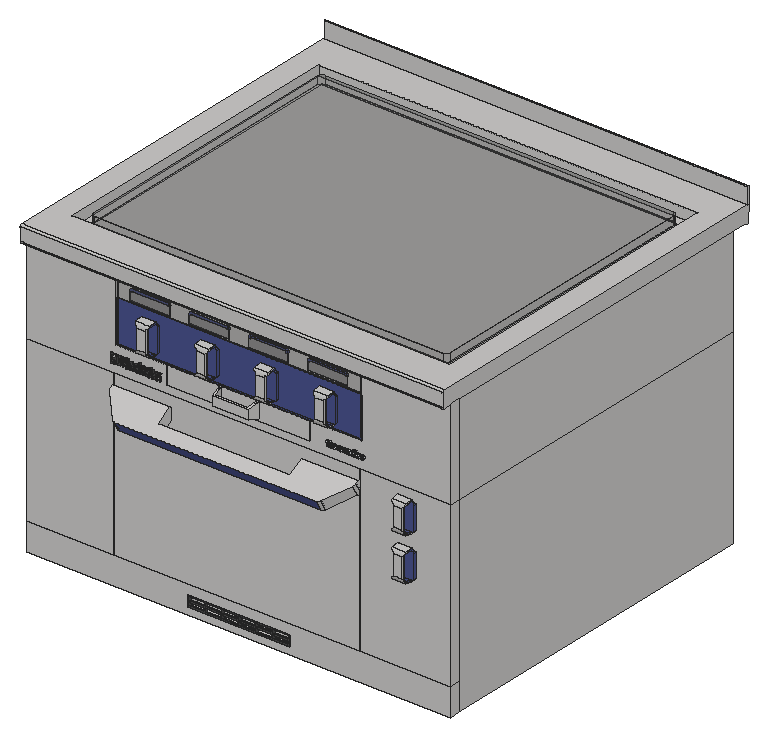
Revit family "QF_ELECTROLUXPROFESSIONAL_589653_MCLMEBJ8AO", category Attrezzature speciali, Revit 2020 (continued)
Definition of nested family "Front_Panel_W1000_Four Knobs"
  Definition of nested family "ELX_Professional_Logo_Small"
    Forms (mm)
      Extrusion 2, solid, material <- "Material_Logo"
        sketch origin (15.5, 0, 0) x (1, 0, 0) y (0, 1, 0)
          loop
            spline (-21.915, 1.897) -> (-21.957, 2.615) -> (-22.082, 3.303) -> (-22.285, 3.955) -> (-22.563, 4.564) -> (-22.913, 5.124) -> (-23.331, 5.629) -> (-23.814, 6.074) -> (-24.359, 6.451) -> (-24.961, 6.755) -> (-25.618, 6.98) -> (-26.326, 7.119) -> (-27.081, 7.167)
            spline (-27.081, 7.167) -> (-27.853, 7.122) -> (-28.586, 6.99) -> (-29.275, 6.774) -> (-29.915, 6.478) -> (-30.5, 6.104) -> (-31.024, 5.657) -> (-31.483, 5.138) -> (-31.871, 4.553) -> (-32.182, 3.904) -> (-32.411, 3.194) -> (-32.552, 2.427) -> (-32.6, 1.606)
            spline (-32.6, 1.606) -> (-32.553, 0.805) -> (-32.416, 0.057) -> (-32.193, -0.637) -> (-31.887, -1.271) -> (-31.504, -1.843) -> (-31.048, -2.35) -> (-30.523, -2.788) -> (-29.934, -3.154) -> (-29.284, -3.444) -> (-28.579, -3.656) -> (-27.822, -3.785) -> (-27.019, -3.829)
            spline (-27.019, -3.829) -> (-26.627, -3.82) -> (-26.239, -3.79) -> (-25.856, -3.739) -> (-25.477, -3.663) -> (-25.103, -3.562) -> (-24.734, -3.432) -> (-24.369, -3.273) -> (-24.01, -3.082) -> (-23.655, -2.858) -> (-23.305, -2.597) -> (-22.96, -2.299) -> (-22.621, -1.962)
            line (-22.621, -1.962) -> (-24.114, -0.509)
            spline (-24.114, -0.509) -> (-24.311, -0.699) -> (-24.509, -0.872) -> (-24.71, -1.03) -> (-24.915, -1.172) -> (-25.126, -1.297) -> (-25.346, -1.407) -> (-25.576, -1.5) -> (-25.817, -1.576) -> (-26.072, -1.636) -> (-26.342, -1.678) -> (-26.629, -1.704) -> (-26.936, -1.713)
            spline (-26.936, -1.713) -> (-27.384, -1.691) -> (-27.805, -1.625) -> (-28.196, -1.518) -> (-28.556, -1.372) -> (-28.882, -1.187) -> (-29.174, -0.966) -> (-29.429, -0.71) -> (-29.645, -0.422) -> (-29.821, -0.102) -> (-29.955, 0.247) -> (-30.045, 0.623) -> (-30.089, 1.026)
            line (-30.089, 1.026) -> (-21.956, 1.026) -> (-21.915, 1.897)
          loop
            spline (-24.446, 2.769) -> (-24.47, 3.075) -> (-24.54, 3.37) -> (-24.654, 3.65) -> (-24.807, 3.913) -> (-24.996, 4.156) -> (-25.219, 4.376) -> (-25.472, 4.57) -> (-25.753, 4.736) -> (-26.057, 4.869) -> (-26.382, 4.968) -> (-26.724, 5.03) -> (-27.081, 5.051)
            spline (-27.081, 5.051) -> (-27.464, 5.03) -> (-27.832, 4.97) -> (-28.183, 4.872) -> (-28.513, 4.74) -> (-28.819, 4.577) -> (-29.099, 4.384) -> (-29.347, 4.165) -> (-29.563, 3.923) -> (-29.742, 3.659) -> (-29.881, 3.377) -> (-29.977, 3.079) -> (-30.027, 2.769)
            line (-30.027, 2.769) -> (-24.446, 2.769)
          loop
            spline (-18.167, 1.669) -> (-18.138, 2.13) -> (-18.055, 2.567) -> (-17.921, 2.978) -> (-17.739, 3.358) -> (-17.512, 3.705) -> (-17.243, 4.016) -> (-16.937, 4.287) -> (-16.596, 4.517) -> (-16.223, 4.7) -> (-15.823, 4.835) -> (-15.398, 4.919) -> (-14.951, 4.947)
            spline (-14.951, 4.947) -> (-14.677, 4.938) -> (-14.414, 4.913) -> (-14.162, 4.871) -> (-13.921, 4.812) -> (-13.69, 4.738) -> (-13.467, 4.649) -> (-13.254, 4.544) -> (-13.048, 4.424) -> (-12.85, 4.291) -> (-12.659, 4.143) -> (-12.474, 3.981) -> (-12.295, 3.806)
            line (-12.295, 3.806) -> (-10.76, 5.403)
            spline (-10.76, 5.403) -> (-11.065, 5.709) -> (-11.38, 5.984) -> (-11.703, 6.228) -> (-12.035, 6.443) -> (-12.375, 6.63) -> (-12.723, 6.788) -> (-13.078, 6.92) -> (-13.44, 7.026) -> (-13.809, 7.107) -> (-14.184, 7.164) -> (-14.564, 7.198) -> (-14.951, 7.209)
            spline (-14.951, 7.209) -> (-15.725, 7.161) -> (-16.467, 7.02) -> (-17.169, 6.792) -> (-17.826, 6.482) -> (-18.43, 6.096) -> (-18.976, 5.637) -> (-19.455, 5.112) -> (-19.862, 4.525) -> (-20.19, 3.882) -> (-20.433, 3.189) -> (-20.584, 2.449) -> (-20.635, 1.669)
            spline (-20.635, 1.669) -> (-20.584, 0.889) -> (-20.433, 0.149) -> (-20.19, -0.545) -> (-19.862, -1.187) -> (-19.455, -1.774) -> (-18.976, -2.299) -> (-18.43, -2.758) -> (-17.826, -3.145) -> (-17.169, -3.454) -> (-16.467, -3.682) -> (-15.725, -3.823) -> (-14.951, -3.871)
            spline (-14.951, -3.871) -> (-14.564, -3.86) -> (-14.184, -3.826) -> (-13.809, -3.77) -> (-13.44, -3.689) -> (-13.078, -3.583) -> (-12.723, -3.451) -> (-12.375, -3.292) -> (-12.035, -3.105) -> (-11.703, -2.89) -> (-11.38, -2.646) -> (-11.065, -2.371) -> (-10.76, -2.066)
            line (-10.76, -2.066) -> (-12.295, -0.468)
            spline (-12.295, -0.468) -> (-12.474, -0.643) -> (-12.659, -0.805) -> (-12.85, -0.953) -> (-13.048, -1.087) -> (-13.254, -1.206) -> (-13.467, -1.311) -> (-13.69, -1.4) -> (-13.921, -1.475) -> (-14.162, -1.533) -> (-14.414, -1.575) -> (-14.677, -1.6) -> (-14.951, -1.609)
            spline (-14.951, -1.609) -> (-15.398, -1.581) -> (-15.823, -1.497) -> (-16.223, -1.362) -> (-16.596, -1.179) -> (-16.937, -0.95) -> (-17.243, -0.678) -> (-17.512, -0.367) -> (-17.739, -0.02) -> (-17.921, 0.36) -> (-18.055, 0.771) -> (-18.138, 1.208) -> (-18.167, 1.669)
          loop
            spline (-4.441, -1.243) -> (-4.659, -1.247) -> (-4.894, -1.23) -> (-5.137, -1.19) -> (-5.384, -1.121) -> (-5.628, -1.021) -> (-5.864, -0.884) -> (-6.084, -0.708) -> (-6.283, -0.488) -> (-6.454, -0.219) -> (-6.592, 0.101) -> (-6.69, 0.478) -> (-6.742, 0.914)
            line (-6.742, 0.914) -> (-6.742, 4.587) -> (-4.487, 4.587) -> (-4.487, 6.838) -> (-6.738, 6.838) -> (-6.738, 10.824) -> (-9.217, 10.824) -> (-9.217, 0.773)
            spline (-9.217, 0.773) -> (-9.164, 0.19) -> (-9.068, -0.358) -> (-8.928, -0.87) -> (-8.742, -1.343) -> (-8.511, -1.777) -> (-8.232, -2.168) -> (-7.904, -2.515) -> (-7.527, -2.816) -> (-7.098, -3.069) -> (-6.618, -3.273) -> (-6.084, -3.426) -> (-5.496, -3.525)
            line (-5.496, -3.525) -> (-4.45, -3.573) -> (-4.441, -1.243)
          loop
            spline (3.898, 6.983) -> (3.469, 7.009) -> (3.056, 7.001) -> (2.661, 6.961) -> (2.283, 6.888) -> (1.925, 6.785) -> (1.588, 6.652) -> (1.272, 6.49) -> (0.979, 6.301) -> (0.71, 6.085) -> (0.465, 5.844) -> (0.247, 5.578) -> (0.056, 5.289)
            line (0.056, 5.289) -> (0.056, 6.838) -> (-2.402, 6.838) -> (-2.402, -3.572) -> (0.056, -3.572) -> (0.056, 1.901)
            spline (0.056, 1.901) -> (0.079, 2.316) -> (0.145, 2.703) -> (0.254, 3.06) -> (0.404, 3.386) -> (0.592, 3.679) -> (0.818, 3.938) -> (1.08, 4.162) -> (1.375, 4.348) -> (1.703, 4.495) -> (2.062, 4.602) -> (2.45, 4.668) -> (2.865, 4.69)
            line (2.865, 4.69) -> (3.898, 4.586) -> (3.898, 6.983)
          loop
            spline (15.638, 1.633) -> (15.586, 2.396) -> (15.435, 3.124) -> (15.192, 3.81) -> (14.863, 4.449) -> (14.455, 5.034) -> (13.975, 5.56) -> (13.43, 6.021) -> (12.826, 6.411) -> (12.17, 6.724) -> (11.469, 6.955) -> (10.729, 7.098) -> (9.958, 7.147)
            spline (9.958, 7.147) -> (9.182, 7.098) -> (8.44, 6.955) -> (7.737, 6.724) -> (7.081, 6.411) -> (6.477, 6.021) -> (5.933, 5.56) -> (5.454, 5.034) -> (5.048, 4.449) -> (4.721, 3.81) -> (4.479, 3.124) -> (4.329, 2.396) -> (4.277, 1.633)
            spline (4.277, 1.633) -> (4.329, 0.869) -> (4.479, 0.141) -> (4.721, -0.544) -> (5.048, -1.183) -> (5.454, -1.768) -> (5.933, -2.294) -> (6.477, -2.755) -> (7.081, -3.145) -> (7.737, -3.459) -> (8.44, -3.69) -> (9.182, -3.833) -> (9.958, -3.882)
            spline (9.958, -3.882) -> (10.729, -3.833) -> (11.469, -3.69) -> (12.17, -3.459) -> (12.826, -3.145) -> (13.43, -2.755) -> (13.975, -2.294) -> (14.455, -1.768) -> (14.863, -1.183) -> (15.192, -0.544) -> (15.435, 0.141) -> (15.586, 0.869) -> (15.638, 1.633)
          loop
            spline (13.18, 1.633) -> (13.151, 2.083) -> (13.067, 2.513) -> (12.932, 2.918) -> (12.748, 3.296) -> (12.52, 3.642) -> (12.251, 3.954) -> (11.943, 4.227) -> (11.601, 4.459) -> (11.228, 4.645) -> (10.828, 4.782) -> (10.403, 4.867) -> (9.958, 4.896)
            spline (9.958, 4.896) -> (9.509, 4.867) -> (9.081, 4.782) -> (8.679, 4.645) -> (8.306, 4.459) -> (7.964, 4.227) -> (7.658, 3.954) -> (7.39, 3.642) -> (7.163, 3.296) -> (6.981, 2.918) -> (6.847, 2.513) -> (6.765, 2.083) -> (6.736, 1.633)
            spline (6.736, 1.633) -> (6.765, 1.182) -> (6.847, 0.753) -> (6.981, 0.347) -> (7.163, -0.031) -> (7.39, -0.377) -> (7.658, -0.689) -> (7.964, -0.962) -> (8.306, -1.193) -> (8.679, -1.38) -> (9.081, -1.517) -> (9.509, -1.602) -> (9.958, -1.631)
            spline (9.958, -1.631) -> (10.403, -1.602) -> (10.828, -1.517) -> (11.228, -1.38) -> (11.601, -1.193) -> (11.943, -0.962) -> (12.251, -0.689) -> (12.52, -0.377) -> (12.748, -0.031) -> (12.932, 0.347) -> (13.067, 0.753) -> (13.151, 1.182) -> (13.18, 1.633)
          loop
            line (17.162, 4.269) -> (17.162, -3.573) -> (19.642, -3.573) -> (19.642, 10.824) -> (17.162, 10.824) -> (17.162, 4.269)
          loop
            line (28.581, 6.838) -> (28.581, 0.786)
            spline (28.581, 0.786) -> (28.561, 0.393) -> (28.503, 0.038) -> (28.409, -0.279) -> (28.281, -0.559) -> (28.122, -0.802) -> (27.933, -1.011) -> (27.717, -1.185) -> (27.476, -1.325) -> (27.213, -1.433) -> (26.929, -1.509) -> (26.626, -1.554) -> (26.308, -1.569)
            spline (26.308, -1.569) -> (25.99, -1.554) -> (25.688, -1.509) -> (25.404, -1.434) -> (25.141, -1.326) -> (24.9, -1.187) -> (24.684, -1.014) -> (24.496, -0.807) -> (24.336, -0.565) -> (24.209, -0.288) -> (24.115, 0.026) -> (24.057, 0.376) -> (24.037, 0.765)
            line (24.037, 0.765) -> (24.037, 6.838) -> (21.537, 6.838) -> (21.537, 0.558)
            spline (21.537, 0.558) -> (21.581, -0.153) -> (21.71, -0.8) -> (21.916, -1.384) -> (22.195, -1.904) -> (22.54, -2.362) -> (22.944, -2.757) -> (23.403, -3.09) -> (23.909, -3.362) -> (24.456, -3.572) -> (25.04, -3.722) -> (25.652, -3.811) -> (26.288, -3.841)
            spline (26.288, -3.841) -> (26.929, -3.811) -> (27.547, -3.72) -> (28.135, -3.568) -> (28.687, -3.355) -> (29.197, -3.079) -> (29.66, -2.741) -> (30.068, -2.341) -> (30.415, -1.877) -> (30.696, -1.349) -> (30.905, -0.757) -> (31.034, -0.101) -> (31.079, 0.621)
            line (31.079, 0.621) -> (31.079, 6.838) -> (28.581, 6.838)
          loop
            line (40.457, -0.243) -> (38.894, 1.942) -> (40.83, 4.579) -> (42.488, 6.837) -> (39.782, 6.837) -> (37.53, 3.719) -> (35.258, 6.837) -> (32.573, 6.837) -> (34.113, 4.731) -> (36.167, 1.922) -> (34.014, -1.076) -> (32.222, -3.573) -> (34.887, -3.573) -> (37.53, 0.104) -> (40.174, -3.573) -> (42.839, -3.573) -> (40.457, -0.243)
          loop
            line (-46.121, -5.837) -> (-48.039, -5.837) -> (-48.039, -10.814) -> (-47.016, -10.814) -> (-47.016, -9.128) -> (-46.121, -9.128)
            arc (-46.121, -9.128) -> (-44.476, -7.482) -> (-46.121, -5.837) r 1.645
          loop
            line (-46.163, -6.778) -> (-47.016, -6.778) -> (-47.016, -8.187) -> (-46.163, -8.187)
            arc (-46.163, -8.187) -> (-45.458, -7.482) -> (-46.163, -6.778) r 0.704
          loop
            line (-38.313, -5.837) -> (-40.265, -5.837) -> (-40.265, -10.814) -> (-39.241, -10.814) -> (-39.241, -9.1) -> (-38.46, -9.182) -> (-37.48, -10.814) -> (-36.318, -10.814) -> (-37.513, -8.848)
            arc (-37.513, -8.848) -> (-36.888, -8.266) -> (-36.671, -7.441) r 1.536
            arc (-36.671, -7.441) -> (-37.165, -6.305) -> (-38.313, -5.837) r 1.643
          loop
            arc (-38.402, -8.166) -> (-37.707, -7.505) -> (-38.334, -6.778) r 0.696
            line (-38.334, -6.778) -> (-39.241, -6.778) -> (-39.241, -8.166) -> (-38.402, -8.166)
          loop
            circle (-29.965, -8.325) r 2.585
          loop
            circle (-29.965, -8.325) r 1.64
          loop
            line (-23.1, -5.837) -> (-23.1, -10.814) -> (-22.076, -10.814) -> (-22.076, -8.768) -> (-20.204, -8.768) -> (-20.204, -7.828) -> (-22.076, -7.828) -> (-22.076, -6.778) -> (-20.024, -6.778) -> (-20.024, -5.837) -> (-23.1, -5.837)
          loop
            line (-15.802, -5.837) -> (-15.802, -9.2)
            arc (-15.802, -9.2) -> (-15.343, -10.34) -> (-14.209, -10.814) r 1.593
            line (-14.209, -10.814) -> (-12.602, -10.814) -> (-12.602, -10.027) -> (-14.004, -10.027)
            arc (-14.004, -10.027) -> (-14.552, -9.8) -> (-14.779, -9.252) r 0.775
            line (-14.779, -9.252) -> (-14.779, -8.424) -> (-12.789, -8.424) -> (-12.789, -7.642) -> (-14.779, -7.642) -> (-14.779, -6.778) -> (-12.651, -6.778) -> (-12.651, -5.837) -> (-15.802, -5.837)
          loop
            line (-5.909, -7.143) -> (-5.173, -6.638)
            arc (-5.173, -6.638) -> (-5.855, -5.974) -> (-6.781, -5.755) r 1.782
            arc (-6.781, -5.755) -> (-7.397, -5.878) -> (-7.944, -6.189) r 1.974
            arc (-7.944, -6.189) -> (-8.202, -6.5) -> (-8.317, -6.888) r 1.013
            arc (-8.317, -6.888) -> (-8.306, -7.341) -> (-8.192, -7.78) r 1.985
            arc (-8.192, -7.78) -> (-7.749, -8.259) -> (-7.171, -8.563) r 1.928
            arc (-7.171, -8.563) -> (-6.637, -8.779) -> (-6.131, -9.056) r 5.041
            arc (-6.131, -9.056) -> (-5.934, -9.387) -> (-6.09, -9.74) r 0.42
            arc (-6.09, -9.74) -> (-6.631, -9.96) -> (-7.204, -9.845) r 1.016
            arc (-7.204, -9.845) -> (-7.625, -9.603) -> (-7.889, -9.196) r 1.033
            line (-7.889, -9.196) -> (-8.67, -9.686)
            arc (-8.67, -9.686) -> (-8.361, -10.198) -> (-7.908, -10.589) r 1.914
            arc (-7.908, -10.589) -> (-7.334, -10.834) -> (-6.714, -10.896) r 2.063
            arc (-6.714, -10.896) -> (-5.947, -10.743) -> (-5.256, -10.376) r 2.696
            arc (-5.256, -10.376) -> (-4.95, -9.565) -> (-5.108, -8.712) r 1.618
            arc (-5.108, -8.712) -> (-5.448, -8.319) -> (-5.884, -8.035) r 1.876
            arc (-5.884, -8.035) -> (-6.434, -7.789) -> (-6.999, -7.577) r 9.883
            arc (-6.999, -7.577) -> (-7.325, -7.07) -> (-6.854, -6.694) r 0.45
            arc (-6.854, -6.694) -> (-6.329, -6.809) -> (-5.909, -7.143) r 1.197
          loop
            line (1.61, -7.143) -> (2.345, -6.638)
            arc (2.345, -6.638) -> (1.663, -5.974) -> (0.737, -5.755) r 1.782
            arc (0.737, -5.755) -> (0.121, -5.878) -> (-0.425, -6.189) r 1.974
            arc (-0.425, -6.189) -> (-0.683, -6.5) -> (-0.799, -6.888) r 1.013
            arc (-0.799, -6.888) -> (-0.788, -7.341) -> (-0.674, -7.78) r 1.985
            arc (-0.674, -7.78) -> (-0.231, -8.259) -> (0.347, -8.563) r 1.928
            arc (0.347, -8.563) -> (0.881, -8.779) -> (1.387, -9.056) r 5.041
            arc (1.387, -9.056) -> (1.584, -9.387) -> (1.428, -9.74) r 0.42
            arc (1.428, -9.74) -> (0.887, -9.96) -> (0.314, -9.845) r 1.016
            arc (0.314, -9.845) -> (-0.107, -9.603) -> (-0.371, -9.196) r 1.033
            line (-0.371, -9.196) -> (-1.152, -9.686)
            arc (-1.152, -9.686) -> (-0.842, -10.198) -> (-0.39, -10.589) r 1.914
            arc (-0.39, -10.589) -> (0.184, -10.834) -> (0.804, -10.896) r 2.063
            arc (0.804, -10.896) -> (1.572, -10.743) -> (2.263, -10.376) r 2.696
            arc (2.263, -10.376) -> (2.568, -9.565) -> (2.411, -8.712) r 1.618
            arc (2.411, -8.712) -> (2.07, -8.319) -> (1.635, -8.035) r 1.876
            arc (1.635, -8.035) -> (1.084, -7.789) -> (0.519, -7.577) r 9.883
            arc (0.519, -7.577) -> (0.193, -7.07) -> (0.665, -6.694) r 0.45
            arc (0.665, -6.694) -> (1.189, -6.809) -> (1.61, -7.143) r 1.197
          loop
            line (6.801, -5.837) -> (6.801, -10.814) -> (7.825, -10.814) -> (7.825, -5.837) -> (6.801, -5.837)
          loop
            circle (14.724, -8.325) r 1.548
          loop
            circle (14.724, -8.325) r 2.585
          loop
            line (21.59, -10.814) -> (22.623, -10.814) -> (22.623, -7.685) -> (24.9, -10.814) -> (25.895, -10.814) -> (25.895, -5.837) -> (24.861, -5.837) -> (24.861, -9.061) -> (22.585, -5.837) -> (21.59, -5.837) -> (21.59, -10.814)
          loop
            line (31.054, -10.814) -> (31.539, -9.74) -> (33.38, -9.74) -> (33.865, -10.814) -> (34.965, -10.814) -> (32.46, -5.837) -> (29.956, -10.814) -> (31.054, -10.814)
          loop
            line (32.46, -7.698) -> (31.999, -8.719) -> (32.921, -8.719) -> (32.46, -7.698)
          loop
            line (40.047, -9.873) -> (40.047, -5.837) -> (39.024, -5.837) -> (39.024, -10.814) -> (41.961, -10.814) -> (41.961, -9.873) -> (40.047, -9.873)
          loop
            line (-74.986, -10.814) -> (-53.322, -10.814) -> (-53.322, 10.82) -> (-74.986, 10.82) -> (-74.986, -10.814)
          loop
            line (-61.261, 9.758) -> (-61.261, -9.707)
            arc (-61.261, -9.707) -> (-54.066, 0.025) -> (-61.261, 9.758) r 10.18
          loop
            line (-62.251, 8.349) -> (-62.251, 9.758)
            arc (-62.251, 9.758) -> (-70.347, 7.918) -> (-74.247, 0.59) r 9.976
            line (-74.247, 0.59) -> (-71.026, 0.59)
            arc (-71.026, 0.59) -> (-65.274, 2.925) -> (-62.251, 8.349) r 9.351
          loop
            arc (-74.247, -0.539) -> (-70.353, -7.928) -> (-62.251, -9.957) r 10.237
            line (-62.251, -9.957) -> (-62.251, -8.298)
            arc (-62.251, -8.298) -> (-65.274, -2.874) -> (-71.026, -0.539) r 9.351
            line (-71.026, -0.539) -> (-74.247, -0.539)
        from 0 to 1.644
    Dimensions and locks
      aligned and locked: plane 2 to Extrusion 1
      aligned and locked: level to Extrusion 1
